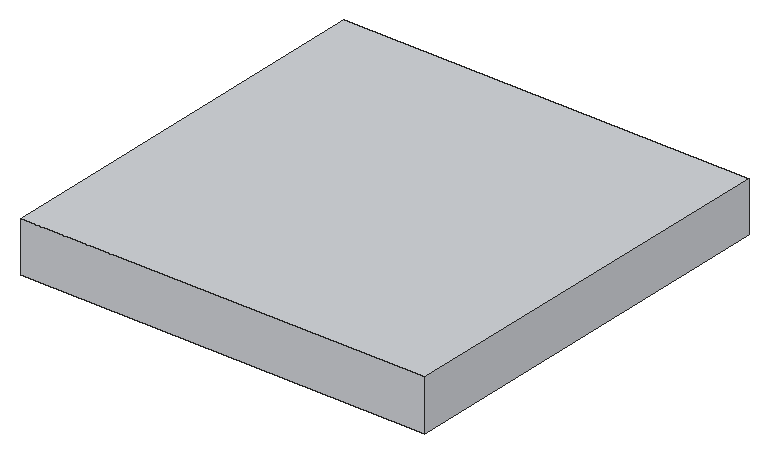
Revit family "XXX_FMI_Zutrittskontrolle", category Sicherheitsgeräte, Revit 2014
Parameters (values of type "Bewegungsmelder")
  kamera = no
  domekamera = no
  bewegungsmelder = yes
  Türkontakt = no
  Schließkontakt = no
  Rechteck = no
  Leerdose = yes
  Kurzzeichen = "2"
  Kartenleser = no
  Quadrat = no
  Material = none
  Vorgabe-Ansicht = 300 mm
  Beschriftung = ""
  Ampel = no
Types (9, lengths in mm): name | kamera | domekamera | bewegungsmelder | Türkontakt | Schließkontakt | Rechteck | Leerdose | Kartenleser | Quadrat | Beschriftung | Ampel
  Kartenleser | no | no | no | no | no | no | no | yes | no | "" | no
  Zutritts-Kontroll-Zentrale | no | no | no | no | no | yes | no | no | no | "ZKZ" | no
  Zutrittskontrolle | no | no | no | no | no | no | no | no | yes | "ZK" | no
  Schleusensteuerung, Ampel | no | no | no | no | no | no | no | no | no | "" | yes
  Magnetkontakt | no | no | no | yes | no | no | yes | no | no | "ZKZ" | no
  Bewegungsmelder | no | no | yes | no | no | no | yes | no | no | "" | no
  Kamera | yes | no | no | no | no | no | no | no | no | "ZKZ" | no
  Domekamera | no | yes | no | no | no | no | no | no | no | "ZKZ" | no
  Schließblechkontakt | no | no | no | no | yes | no | yes | no | no | "ZKZ" | no
Reference planes
  plane 1 "Mitte (Vorne/Hinten)": y = 0
  plane 2: z = 0
  plane 3 "Mitte (Links/Rechts)": x = 0
  plane 4: z = 7
  plane 5: z = -65
  plane 6: x = -40
  plane 7: x = 40
  plane 8: y = 40
  plane 9: y = -40
Forms (mm)
  Extrusion 1, solid
    sketch origin (0, 0, 0) x (1, 0, 0) y (0, 1, 0)
      loop
        line (-1219.2, 1219.2) -> (-1219.2, -1219.2) -> (1219.2, -1219.2) -> (1219.2, 1219.2) -> (-1219.2, 1219.2)
    from 0 to -304.8
Lines and regions (mm)
  symbolic lines, detail levels fine
    curve 1: line (-40, 0, 7) -> (40, 0, 7)
    curve 2: line (-40, 0, 0) -> (-40, 0, 7)
    curve 3: line (40, 0, 0) -> (-40, 0, 0)
    curve 4: line (40, 0, 7) -> (40, 0, 0)
    curve 5: line (-35, 0, -65) -> (-35, 0, 0)
    curve 6: line (35, 0, -65) -> (-35, 0, -65)
    curve 7: line (35, 0, 0) -> (35, 0, -65)
Dimensions and locks
  locked: plane 4 to plane 2 at 7
  plane 2 to plane 5 = 65 mm
  equal spacing: plane 6, plane 3 "Mitte (Links/Rechts)", plane 7
  plane 6 to plane 7 = 80 mm
  equal spacing: plane 8, plane 1 "Mitte (Vorne/Hinten)", plane 9
  plane 8 to plane 9 = 80 mm
  aligned and locked: plane 2 to Extrusion 1
  aligned and locked: level to Extrusion 1
  aligned and locked: plane 2 to curve 3
  aligned and locked: curve 1 to plane 4
  aligned and locked: curve 4 to plane 7
  aligned and locked: plane 6 to curve 2
  aligned and locked: plane 2 to curve 7
  aligned and locked: plane 5 to curve 6
Automatic sketch dimensions
  Extrusion 1 sketch curve to Extrusion 1 sketch curve = 2438.4 mm  (x2)
  plane 6 to curve 5 = 5 mm
  curve 7 to plane 7 = 5 mm
Nested families
  nested 1: "ZKZ Quadrat Beschriftung" at (6.172, 3.968, 0), visible <- "Quadrat", type "ZKZ Quadrat Beschriftung"
  nested 2: "ZKZ Rechteck Beschriftung" at (0.522, 3.968, 0), visible <- "Rechteck", type "ZKZ Rechteck Beschriftung"
  nested 3: "ZKZ_Kartenleser" at (0, 0, 0), visible <- "Kartenleser", type "ZKZ_Kartenleser"
  nested 4: "magnetkontakt" at (3.433, -1.555, 0), visible <- "Türkontakt", type "Türkontakt"
  nested 5: "Türampel" at (-4.041, 0, 0), visible <- "Ampel", type "Türampel"
  nested 6: "schließkontakt" at (2.982, 1.319, 0), visible <- "Schließkontakt", type "schließ"
  nested 7: "beweg" at (5.316, 0.893, 0), visible <- "bewegungsmelder", type "beweg"
  nested 8: "kamera" at (1.532, 5.946, 0), visible <- "kamera", type "kamera"
  nested 9: "domekamera" at (0.642, -4.218, 0), visible <- "domekamera", type "domekamera"
Definition of nested family "ZKZ Quadrat Beschriftung"
  Parameters (values of type "ZKZ Quadrat Beschriftung")
    Beschriftung = "ZKZ"
  Reference planes
    plane 1: y = 0
    plane 2: x = 0
  Lines and regions (mm)
    detail lines, style "FMI_Sicherheitsgeraete"
      curve 1: line (-2, -2, 0) -> (2, -2, 0)
      curve 2: line (-2, 2, 0) -> (-2, -2, 0)
      curve 3: line (2, 2, 0) -> (-2, 2, 0)
      curve 4: line (2, -2, 0) -> (2, 2, 0)
  Text (mm)
    label "XX" at (0.01, 0, 0), shows "Beschriftung"
Definition of nested family "ZKZ Rechteck Beschriftung"
  Parameters (values of type "ZKZ Rechteck Beschriftung")
    Beschriftung = "ZKZ"
  Reference planes
    plane 1: y = 0
    plane 2: x = 0
  Lines and regions (mm)
    detail lines, style "FMI_Sicherheitsgeraete"
      curve 1: line (-3.5, -2, 0) -> (3.5, -2, 0)
      curve 2: line (-3.5, 2, 0) -> (-3.5, -2, 0)
      curve 3: line (3.5, 2, 0) -> (-3.5, 2, 0)
      curve 4: line (3.5, -2, 0) -> (3.5, 2, 0)
  Text (mm)
    label "XX" at (0.01, 0, 0), shows "Beschriftung"
Definition of nested family "ZKZ_Kartenleser"
  Parameters (values of type "ZKZ_Kartenleser")
    Beschriftung = "ZKZ"
  Reference planes
    plane 1: y = 0
    plane 2: x = 0
  Lines and regions (mm)
    detail lines, style "FMI_Sicherheitsgeraete"
      curve 1: line (-1.968, -1.968, 0) -> (1.968, -1.968, 0)
      curve 2: line (-1.968, 1.968, 0) -> (-1.968, -1.968, 0)
      curve 3: line (1.968, 1.968, 0) -> (-1.968, 1.968, 0)
      curve 4: line (1.968, -1.968, 0) -> (1.968, 1.968, 0)
      curve 5: line (1.363, -1.378, 0) -> (1.363, 1.378, 0)
      curve 6: line (0.576, -1.378, 0) -> (0.576, 1.378, 0)
Definition of nested family "magnetkontakt"
  Reference planes
    plane 1: y = 0
    plane 2: x = 0
  Lines and regions (mm)
    Filled region 1, type "Gefüllter Bereich Zutritsskontrolle"
      outline origin (0.282, -0.25, 0) x (1, 0, 0) y (0, 1, 0)
        loop
          line (-1.532, 1.5) -> (-1.532, -1) -> (0.968, -1) -> (0.968, 1.5) -> (-1.532, 1.5)
    detail lines, style "FMI_Sicherheitsgeraete_duenn"
      curve 1: line (-1.25, -1.25, 0) -> (1.25, -1.25, 0)
      curve 2: line (-1.25, 1.25, 0) -> (-1.25, -1.25, 0)
      curve 3: line (1.25, 1.25, 0) -> (-1.25, 1.25, 0)
      curve 4: line (1.25, -1.25, 0) -> (1.25, 1.25, 0)
Definition of nested family "Türampel"
  Reference planes
    plane 1: y = 0
    plane 2: x = 0
  Lines and regions (mm)
    detail lines, style "FMI_Sicherheitsgeraete"
      curve 1: line (-1.968, -3.4, 0) -> (1.932, -3.4, 0)
      curve 2: line (-1.968, 3.4, 0) -> (-1.968, -3.4, 0)
      curve 3: line (1.932, 3.4, 0) -> (-1.968, 3.4, 0)
      curve 4: line (1.932, -3.4, 0) -> (1.932, 3.4, 0)
      curve 5: circle (0, 1.53, 0) r 1.248 normal (0, 0, 1)
      curve 6: circle (0, -1.53, 0) r 1.248 normal (0, 0, 1)
    detail lines, style "FMI_Sicherheitsgeraete_duenn"
      curve 7: line (-0.882, 2.413, 0) -> (0.882, 0.648, 0)
      curve 8: line (-0.882, -0.648, 0) -> (0.882, -2.413, 0)
      curve 9: line (0.882, 2.413, 0) -> (-0.882, 0.648, 0)
      curve 10: line (0.882, -0.648, 0) -> (-0.882, -2.413, 0)
Definition of nested family "schließkontakt"
  Reference planes
    plane 1: y = 0
    plane 2: x = 0
  Lines and regions (mm)
    Filled region 1, type "Gefüllter Bereich Zutritsskontrolle"
      outline origin (0, 0, 0) x (1, 0, 0) y (0, 1, 0)
        loop
          line (-0.8, -1.333) -> (0.8, -1.333) -> (0.256, 0.085)
          arc (0.256, 0.085) -> (0, 1.333) -> (-0.256, 0.085) r 0.65
          line (-0.256, 0.085) -> (-0.8, -1.333)
    detail lines, style "FMI_Sicherheitsgeraete_duenn"
      curve 1: line (-0.8, -1.333, 0) -> (0.8, -1.333, 0)
      curve 2: arc (0.256, 0.085, 0) -> (0, 1.333, 0) -> (-0.256, 0.085, 0) r 0.65
      curve 3: line (-0.8, -1.333, 0) -> (-0.256, 0.085, 0)
      curve 4: line (0.256, 0.085, 0) -> (0.8, -1.333, 0)
Definition of nested family "beweg"
  Reference planes
    plane 1: y = 0
    plane 2: x = 0
  Lines and regions (mm)
    detail lines, style "FMI_Sicherheitsgeraete"
      curve 1: line (0.178, 1.261, 0) -> (-1.534, 0, 0)
      curve 2: line (0.178, -1.261, 0) -> (-1.534, 0, 0)
      curve 3: arc (-0.139, 1.027, 0) -> (0.659, 0, 0) -> (-0.139, -1.027, 0) r 1.059
      curve 4: line (1.024, 0, 0) -> (1.532, 0, 0)
      curve 5: line (0.664, 1.092, 0) -> (1.078, 1.396, 0)
      curve 6: line (0.664, -1.092, 0) -> (1.078, -1.396, 0)
Definition of nested family "kamera"
  Reference planes
    plane 1: y = 0
    plane 2: x = 0
  Lines and regions (mm)
    detail lines, style "FMI_Sicherheitsgeraete"
      curve 1: line (2.6, 0.996, 0) -> (3.5, 0.996, 0)
      curve 2: line (3.5, -0.777, 0) -> (1.576, -0.777, 0)
      curve 3: line (3.5, 0.996, 0) -> (3.5, -0.777, 0)
      curve 4: line (0.87, -2, 0) -> (1.576, -0.777, 0)
      curve 5: line (3.179, 2, 0) -> (2.6, 0.996, 0)
      curve 6: line (0.87, -2, 0) -> (-3.5, -2, 0)
      curve 7: line (-3.5, 2, 0) -> (3.179, 2, 0)
      curve 8: line (-3.5, -2, 0) -> (-3.5, 2, 0)
    detail lines, style "FMI_Sicherheitsgeraete", not visible
      curve 9: line (27.104, 6.601, 0) -> (28.004, 6.601, 0)
      curve 10: line (28.004, 4.828, 0) -> (26.08, 4.828, 0)
      curve 11: line (28.004, 6.601, 0) -> (28.004, 4.828, 0)
      curve 12: line (25.374, 3.606, 0) -> (26.08, 4.828, 0)
      curve 13: line (27.683, 7.606, 0) -> (27.104, 6.601, 0)
      curve 14: line (25.374, 3.606, 0) -> (21.004, 3.606, 0)
      curve 15: line (21.004, 7.606, 0) -> (27.683, 7.606, 0)
      curve 16: line (21.004, 3.606, 0) -> (21.004, 7.606, 0)
Definition of nested family "domekamera"
  Reference planes
    plane 1: y = 0
    plane 2: x = 0
  Lines and regions (mm)
    detail lines, style "FMI_Sicherheitsgeraete"
      curve 1: line (1.66, 0.775, 0) -> (2.148, 0.775, 0)
      curve 2: line (2.148, -0.154, 0) -> (1.124, -0.154, 0)
      curve 3: line (2.148, 0.775, 0) -> (2.148, -0.154, 0)
      curve 4: line (0.636, -0.999, 0) -> (1.124, -0.154, 0)
      curve 5: line (2.148, 1.62, 0) -> (1.66, 0.775, 0)
      curve 6: line (0.636, -0.999, 0) -> (-1.78, -0.999, 0)
      curve 7: line (-1.78, 1.62, 0) -> (2.148, 1.62, 0)
      curve 8: line (-1.78, -0.999, 0) -> (-1.78, 1.62, 0)
      curve 9: line (-3.143, 2.062, 0) -> (3.143, 2.062, 0)
      curve 10: arc (-3.143, 2.062, 0) -> (0, -2.062, 0) -> (3.143, 2.062, 0) r 3.26
